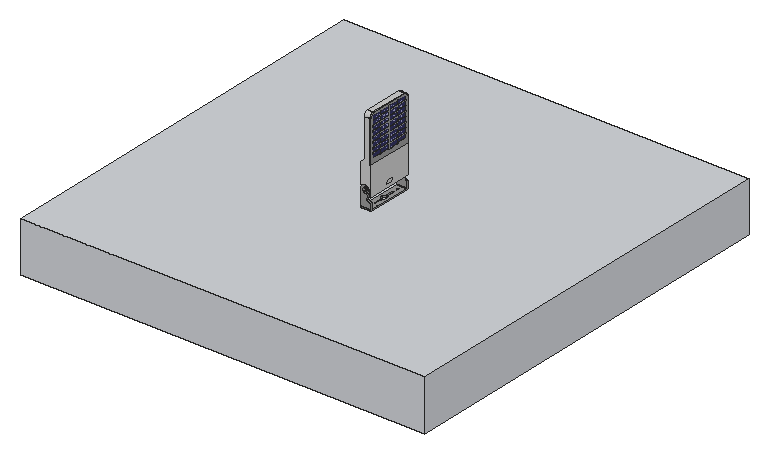
Revit family "LAMP_FLUT G2 ASYMMETRIC", category Modelos genéricos, Revit 2015
Parameters (values of type "7329LM 3000 ANTHRACITE")
  Weight = 7.86 kg
  Type = "HIGH POWER PHILIPS"
  Tilting angle [instance] = 90.00°
  Tilting [instance] = if(Tilting angle = 0.00°, 1.00°, if(Tilting angle > 120.00°, 120.00°, if(Tilting angle < -30.00°, 120.00°, if(Tilting angle < 0.00°, 90.00° - Tilting angle, Tilting angle))))  # 90.00°
  Protection rating = "IP66 / IK06"
  Product datasheet = "http://www.lamp.es/product-files/TECH/FL209AS730NA-EN.pdf"
  Product code = "FL209AS730NA"
  Product URL = "https://www.lamp.es/en/family/flut_33511"
  Power Supply = "220-240V 50-60Hz"
  Power = 59 W
  Plum = 64.3 W
  Photometric web file = Cuerpo Flut G2 - Asym : 7329LM 3000 ANTHRACITE
  Modelo = Product code  # "FL209AS730NA"
  Model explanation = "Availability of tilting between 0º and -30º (or 120º) when placed in a project."
  Material cuerpo = LAMP_Aluminio Cuerpo Flut ANT
  Material Rótula = LAMP_Acero inoxidable AISI 304
  Manufacturer name = "LAMP"
  Manufacturer country = "Spain"
  Manufacturer URL = "http://www.lamp.es/en"
  MacAdam = "4"
  Luminaire type = "OUTDOOR - FLOODLIGHT"
  Last update = "22/08/2019"
  Lamp = "HIGH POWER LED"
  LED Lifetime = "50.000 L90 B10"
  Insulation class = "I"
  Installation instructions = "https://www.lamp.es/product-files/INS/1004710-A-INSTR.%20MINI%20FLUT%20G2.pdf"
  Initial intensity = 7329 lm
  Initial color = 3000 K
  IEE = "A+"
  Gear = "Electronic"
  Finish = "Textured anthracite grey"
  Fabricante = Manufacturer name  # "LAMP"
  Default Elevation = 1219.2 mm
  Efficacy = 114 lm/W
  Dimensions = "530 x 280 x 60"
  Descripción = "FLUT G2 9300 WW ASYM ANT."
  CRI = "70"
Types (12, lengths in mm): name | Weight | Product datasheet | Product code | Power | Plum | Photometric web file | Modelo | LED Lifetime | Initial intensity | Initial color | IEE | Finish | Efficacy | Descripción
  7329LM 3000 ANTHRACITE | 7.86 kg | "http://www.lamp.es/product-files/TECH/FL209AS730NA-EN.pdf" | "FL209AS730NA" | 59 W | 64.3 W | Cuerpo Flut G2 - Asym : 7329LM 3000 ANTHRACITE | "FL209AS730NA" | "50.000 L90 B10" | 7329 lm | 3000 K | "A+" | "Textured anthracite grey" | 114 lm/W | "FLUT G2 9300 WW ASYM ANT."
  7329LM 3000 GREY | 7.86 kg | "http://www.lamp.es/product-files/TECH/FL209AS730NG-EN.pdf" | "FL209AS730NG" | 59 W | 64.3 W | Cuerpo Flut G2 - Asym : 7329LM 3000 GREY | "FL209AS730NG" | "50.000 L90 B10" | 7329 lm | 3000 K | "A+" | "Texturised grey" | 114 lm/W | "FLUT G2 9300 WW ASYM GR."
  7715LM 4000 ANTHRACITE | 7.86 kg | "http://www.lamp.es/product-files/TECH/FL209AS740NA-EN.pdf" | "FL209AS740NA" | 59 W | 64.3 W | Cuerpo Flut G2 - Asym : 7715LM 4000 ANTHRACITE | "FL209AS740NA" | "50.000 L90 B10" | 7715 lm | 4000 K | "A++" | "Textured anthracite grey" | 120 lm/W | "FLUT G2 9300 NW ASYM ANT."
  7715LM 4000 GREY | 7.86 kg | "http://www.lamp.es/product-files/TECH/FL209AS740NG-EN.pdf" | "FL209AS740NG" | 59 W | 64.3 W | Cuerpo Flut G2 - Asym : 7715LM 4000 GREY | "FL209AS740NG" | "50.000 L90 B10" | 7715 lm | 4000 K | "A++" | "Texturised grey" | 120 lm/W | "FLUT G2 9300 NW ASYM GR."
  11068LM 3000 ANTHRACITE | 7.944 kg | "http://www.lamp.es/product-files/TECH/FL214AS730NA-EN.pdf" | "FL214AS730NA" | 88 W | 97.1 W | Cuerpo Flut G2 - Asym : 11068LM 3000 ANTHRACITE | "FL214AS730NA" | "80.000 L80 B10" | 11068 lm | 3000 K | "A+" | "Textured anthracite grey" | 114 lm/W | "FLUT G2 14000 WW ASYM ANT."
  11068LM 3000 GREY | 7.944 kg | "http://www.lamp.es/product-files/TECH/FL214AS730NG-EN.pdf" | "FL214AS730NG" | 88 W | 97.1 W | Cuerpo Flut G2 - Asym : 11068LM 3000 GREY | "FL214AS730NG" | "80.000 L80 B10" | 11068 lm | 3000 K | "A+" | "Texturised grey" | 114 lm/W | "FLUT G2 14000 WW ASYM GR."
  11650LM 4000 ANTHRACITE | 7.944 kg | "http://www.lamp.es/product-files/TECH/FL214AS740NA-EN.pdf" | "FL214AS740NA" | 88 W | 97.1 W | Cuerpo Flut G2 - Asym : 11650LM 4000 ANTHRACITE | "FL214AS740NA" | "80.000 L80 B10" | 11650 lm | 4000 K | "A++" | "Textured anthracite grey" | 120 lm/W | "FLUT G2 14000 NW ASYM ANT."
  11650LM 4000 GREY | 7.944 kg | "http://www.lamp.es/product-files/TECH/FL214AS740NG-EN.pdf" | "FL214AS740NG" | 88 W | 97.1 W | Cuerpo Flut G2 - Asym : 11650LM 4000 GREY | "FL214AS740NG" | "80.000 L80 B10" | 11650 lm | 4000 K | "A++" | "Texturised grey" | 120 lm/W | "FLUT G2 14000 NW ASYM GR."
  14546LM 3000 ANTHRACITE | 8.094 kg | "http://www.lamp.es/product-files/TECH/FL219AS730NA-EN.pdf" | "FL219AS730NA" | 117 W | 125.1 W | Cuerpo Flut G2 - Asym : 14546LM 3000 ANTHRACITE | "FL219AS730NA" | "75.000 L80 B10" | 14546 lm | 3000 K | "A+" | "Textured anthracite grey" | 116.3 lm/W | "FLUT G2 18700 WW ASYM ANT."
  14546LM 3000 GREY | 8.094 kg | "http://www.lamp.es/product-files/TECH/FL219AS730NG-EN.pdf" | "FL219AS730NG" | 117 W | 125.1 W | Cuerpo Flut G2 - Asym : 14546LM 3000 GREY | "FL219AS730NG" | "75.000 L80 B10" | 14546 lm | 3000 K | "A+" | "Texturised grey" | 116.3 lm/W | "FLUT G2 18700 WW ASYM GR."
  15312LM 4000 ANTHRACITE | 8.094 kg | "http://www.lamp.es/product-files/TECH/FL219AS740NA-EN.pdf" | "FL219AS740NA" | 117 W | 125.1 W | Cuerpo Flut G2 - Asym : 15312LM 4000 ANTHRACITE | "FL219AS740NA" | "75.000 L80 B10" | 15312 lm | 4000 K | "A++" | "Textured anthracite grey" | 122.4 lm/W | "FLUT G2 18700 NW ASYM ANT."
  15312LM 4000 GREY | 8.094 kg | "http://www.lamp.es/product-files/TECH/FL219AS740NG-EN.pdf" | "FL219AS740NG" | 117 W | 125.1 W | Cuerpo Flut G2 - Asym : 15312LM 4000 GREY | "FL219AS740NG" | "75.000 L80 B10" | 15312 lm | 4000 K | "A++" | "Texturised grey" | 122.4 lm/W | "FLUT G2 18700 NW ASYM GR."
Reference planes
  plane 1 "Centro (Frontal/Posterior)": y = 0
  plane 2: z = 0
  plane 3 "Centro (Izquierda/Derecha)": x = 0
Forms (mm)
  Extrusion 1, solid
    sketch origin (0, 0, 0) x (1, 0, 0) y (0, 1, 0)
      loop
        line (-1219.2, 1219.2) -> (-1219.2, -1219.2) -> (1219.2, -1219.2) -> (1219.2, 1219.2) -> (-1219.2, 1219.2)
    from 0 to -304.8
  Extrusion 2, solid, material "LAMP_Acero inoxidable AISI 304" <- "Material Rótula"
    sketch origin (0, 0, 0) x (1, 0, 0) y (0, 0, 1)
      loop
        line (-30, 0) -> (30, 0) -> (30, 45) -> (7.102, 58.22)
        arc (7.102, 58.22) -> (6.636, 58.827) -> (6.736, 59.586) r 1
        line (6.736, 59.586) -> (20.344, 95.87)
        arc (20.344, 95.87) -> (0.64, 130.583) -> (-30, 105) r 26
        line (-30, 105) -> (-30, 0)
      loop
        arc (-4.884, 125.481) -> (-5.964, 124.952) -> (-6.308, 123.8) r 1.5
        line (-6.308, 123.8) -> (-5.758, 119.315)
        arc (-5.758, 119.315) -> (-5.252, 118.365) -> (-4.241, 117.998) r 1.5
        arc (-4.241, 117.998) -> (7.873, 110.294) -> (5.508, 96.134) r 13
        arc (5.508, 96.134) -> (5.105, 95.085) -> (5.544, 94.05) r 1.5
        line (5.544, 94.05) -> (8.727, 90.867)
        arc (8.727, 90.867) -> (9.808, 90.428) -> (10.877, 90.896) r 1.5
        arc (10.877, 90.896) -> (14.654, 113.501) -> (-4.884, 125.481) r 20.5
    from -140 to 140
  Extrusion 3, void
    sketch origin (0, 0, 0) x (0, 1, 0) y (0, 0, 1)
      loop
        line (-135, 131) -> (-135, 10)
        arc (-135, 10) -> (-133.536, 6.464) -> (-130, 5) r 5
        line (-130, 5) -> (130, 5)
        arc (130, 5) -> (133.536, 6.464) -> (135, 10) r 5
        line (135, 10) -> (135, 131) -> (-135, 131)
      loop
        arc (140, 10) -> (137.071, 2.929) -> (130, 0) r 10
        line (130, 0) -> (130, -5) -> (145, -5) -> (145, 10) -> (140, 10)
      loop
        line (-140, 10) -> (-145, 10) -> (-145, -5) -> (-130, -5) -> (-130, 0)
        arc (-130, 0) -> (-137.071, 2.929) -> (-140, 10) r 10
    from -30 to 30
  Blend 4, void
    base sketch origin (0, 0, 0) x (1, 0, 0) y (0, 0, 1)
      loop
        circle (-4, 105) r 6.25
    top sketch origin (0, 0, 0) x (1, 0, 0) y (0, 0, 1)
      loop
        circle (-4, 105) r 11.2
    from 135 to 140
  Blend 5, void
    base sketch origin (0, 0, 0) x (1, 0, 0) y (0, 0, -1)
      loop
        circle (-4, -105) r 6.25
    top sketch origin (0, 0, 0) x (1, 0, 0) y (0, 0, -1)
      loop
        circle (-4, -105) r 11.2
    from 135 to 140
  Extrusion 6, void
    sketch origin (0, 0, 0) x (1, 0, 0) y (0, 1, 0)
      loop
        circle (0, 0) r 17.5
      loop
        line (-5.15, 63) -> (-5.15, 27)
        arc (-5.15, 27) -> (0, 21.85) -> (5.15, 27) r 5.15
        line (5.15, 27) -> (5.15, 63)
        arc (5.15, 63) -> (0, 68.15) -> (-5.15, 63) r 5.15
      loop
        circle (0, 101.575) r 5.25
      loop
        arc (-5.15, -63) -> (0, -68.15) -> (5.15, -63) r 5.15
        line (5.15, -63) -> (5.15, -27)
        arc (5.15, -27) -> (0, -21.85) -> (-5.15, -27) r 5.15
        line (-5.15, -27) -> (-5.15, -63)
      loop
        arc (19.312, -82.163) -> (0, -83.175) -> (-19.312, -82.163) r 184.75
        arc (-19.312, -82.163) -> (-25.082, -86.835) -> (-20.409, -92.605) r 5.25
        arc (-20.409, -92.605) -> (0, -93.675) -> (20.409, -92.605) r 195.25
        arc (20.409, -92.605) -> (25.082, -86.835) -> (19.312, -82.163) r 5.25
    from 0 to 5
Cuts and joins
  Extrusion 3, Blend 4, Blend 5, Extrusion 6 cuts Extrusion 2
Text (mm)
  text "Any modification of the parameters and properties of the LAMP BIM models must be executed and validated by the LAMP technical department.\n\nPhone: +34 93 736 68 00\n\nE-mail: lamp@lamp.es\n\n\n\nLAMP reserves the right to modify the technical specifications of its products." at (-19554.066, 15981.102, -8371.262), in view "Preview"
Dimensions and locks
  aligned and locked: plane 2 to Extrusion 1
  aligned and locked: level to Extrusion 1
Nested families
  nested 1: "Cuerpo Flut G2 - Asym" at (-3.972, 0, -1394.995) x (-1, 0, 0) z (0, 0, 1), type <- "Photometric web file", type "7329LM 3000 ANTHRACITE"
Connectors
  electrical at (0, 0, 5)
    settings: on cut or joined group of Extrusion 2, Extrusion 3, Blend 4, Blend 5, Extrusion 6, index 1, voltage 230 V, apparent load 0 VA, apparent load phase1 0 VA, apparent load phase2 0 VA, apparent load phase3 0 VA, power factor 1, load classification "Otro", number of poles 1, system type 31, power factor state 1, is connector primary yes, connector utility no, sub classification motor no, connector description ""
Definition of nested family "Cuerpo Flut G2 - Asym"
  Parameters (values of type "7329LM 3000 ANTHRACITE")
    Tilt Angle = Tilting - 90.00°  # 0.00°
    Wattage = 64.3 W
    Tilting = 90.00°
    built-in parameter 1150107 = 3000 (stored number, unit not read)
    built-in parameter 1150110 = 1 (stored number, unit not read)
    built-in parameter 1150109 = 1 (stored number, unit not read)
    built-in parameter 1150112 = 1 (stored number, unit not read)
    built-in parameter 1150113 = 1 (stored number, unit not read)
    built-in parameter 1114218 = 1 (stored number, unit not read)
    built-in parameter 1150137 = (empty or 0)
    built-in parameter 1150132 = 2
    Material Opticas = none
    Material Cristal Transparente = none
    Material Cuerpo = none
    Material Cristal Serigrafiado = none
    built-in parameter 1150105 = 583.32 (stored number, unit not read)
    built-in parameter 1150102 = (empty or 0)
    built-in parameter 1150106 = 5.8332 (stored number, unit not read)
    Lumens = 7330.2 lm
    Color Filter = 16777215
    built-in parameter 1114217 = 1 (stored number, unit not read)
    built-in parameter 1150139 = (empty or 0)
    built-in parameter 1150104 = 10.591 (stored number, unit not read)
    built-in parameter 1150115 = 1 (stored number, unit not read)
    built-in parameter 1150114 = 1 (stored number, unit not read)
    built-in parameter 1150138 = (empty or 0)
    built-in parameter 1150134 = (empty or 0)
    Dimming Lamp Color Temperature Shift = (empty or 0)
    Photometric Web File = "FL209AS730NA_180.IES"
    built-in parameter 1150133 = 10 (stored number, unit not read)
  Types (12, lengths in mm): name | Wattage | built-in parameter 1150107 | built-in parameter 1150105 | built-in parameter 1150106 | Lumens | built-in parameter 1150104 | built-in parameter 1150134 | Photometric Web File
    7329LM 3000 ANTHRACITE | 64.3 W | 3000 (stored number, unit not read) | 583.32 (stored number, unit not read) | 5.8332 (stored number, unit not read) | 7330.2 lm | 10.591 (stored number, unit not read) | (empty or 0) | "FL209AS730NA_180.IES"
    7329LM 3000 GREY | 64.3 W | 3000 (stored number, unit not read) | 583.32 (stored number, unit not read) | 5.8332 (stored number, unit not read) | 7330.2 lm | 10.591 (stored number, unit not read) | (empty or 0) | "FL209AS730NG_180.IES"
    7715LM 4000 ANTHRACITE | 64.3 W | 4000 (stored number, unit not read) | 4949.5 (stored number, unit not read) | 49.495 (stored number, unit not read) | 7716 lm | 11.148 (stored number, unit not read) | 12 | "FL209AS740NA_180.IES"
    7715LM 4000 GREY | 64.3 W | 4000 (stored number, unit not read) | 4949.5 (stored number, unit not read) | 49.495 (stored number, unit not read) | 7716 lm | 11.148 (stored number, unit not read) | 12 | "FL209AS740NG_180.IES"
    11068LM 3000 ANTHRACITE | 97.1 W | 3000 (stored number, unit not read) | 7100.5 (stored number, unit not read) | 71.005 (stored number, unit not read) | 11069.4 lm | 10.591 (stored number, unit not read) | (empty or 0) | "FL214AS730NA_180.IES"
    11068LM 3000 GREY | 97.1 W | 3000 (stored number, unit not read) | 7100.5 (stored number, unit not read) | 71.005 (stored number, unit not read) | 11069.4 lm | 10.591 (stored number, unit not read) | (empty or 0) | "FL214AS730Na_180.IES"
    11650LM 4000 ANTHRACITE | 97.1 W | 4000 (stored number, unit not read) | 7474.2 (stored number, unit not read) | 74.742 (stored number, unit not read) | 11652 lm | 11.148 (stored number, unit not read) | 12 | "FL214AS740NA_180.IES"
    11650LM 4000 GREY | 97.1 W | 4000 (stored number, unit not read) | 7474.2 (stored number, unit not read) | 74.742 (stored number, unit not read) | 11652 lm | 11.148 (stored number, unit not read) | 12 | "FL214AS740NG_180.IES"
    14546LM 3000 ANTHRACITE | 125.1 W | 3000 (stored number, unit not read) | 9332.6 (stored number, unit not read) | 93.326 (stored number, unit not read) | 14549.1 lm | 10.805 (stored number, unit not read) | (empty or 0) | "FL219AS730NA_180.IES"
    14546LM 3000 GREY | 125.1 W | 3000 (stored number, unit not read) | 9332.6 (stored number, unit not read) | 93.326 (stored number, unit not read) | 14549.1 lm | 10.805 (stored number, unit not read) | (empty or 0) | "FL219AS730NG_180.IES"
    15312LM 4000 ANTHRACITE | 125.1 W | 4000 (stored number, unit not read) | 9822.1 (stored number, unit not read) | 98.221 (stored number, unit not read) | 15312.2 lm | 11.371 (stored number, unit not read) | 12 | "FL219AS740NG_180.IES"
    15312LM 4000 GREY | 125.1 W | 4000 (stored number, unit not read) | 9822.1 (stored number, unit not read) | 98.221 (stored number, unit not read) | 15312.2 lm | 11.371 (stored number, unit not read) | 12 | "FL219AS740NG_180.IES"
  Reference planes
    plane 1 "Eje de origen de luz (F/P)": y = 0
    plane 2: z = 0
    plane 3 "Eje de origen de luz (I/D)": x = 0
    plane 4 "Elevación de origen de luz": z = 1500
  Forms (mm)
    Extrusion 1, solid, material <- "Material Cuerpo"
      sketch origin (0, 0, 1500) x (0, 0, 1) y (1, 0, 0)
        loop
          line (421.8, -33.4) -> (421.8, 3.6) -> (169.604, 3.6) -> (146.604, 26.6) -> (-26.4, 26.6) -> (-26.4, -33.4) -> (421.8, -33.4)
      from -140 to 140
    Extrusion 2, void
      sketch origin (0, 0, 1500) x (0, 0, -1) y (1, 0, 0)
        loop
          line (26.4, -26.5) -> (26.4, 26.6) -> (-26.6, 26.6) -> (-26.6, 3.6)
          arc (-26.6, 3.6) -> (-19.155, -17.548) -> (1.4, -26.5) r 28.073
          line (1.4, -26.5) -> (26.4, -26.5)
      from -140 to -130
    Extrusion 3, void
      sketch origin (0, 0, 1500) x (0, 0, -1) y (-1, 0, 0)
        loop
          line (26.4, 26.5) -> (1.4, 26.5)
          arc (1.4, 26.5) -> (-19.155, 17.548) -> (-26.6, -3.6) r 28.073
          line (-26.6, -3.6) -> (-26.6, -26.6) -> (26.4, -26.6) -> (26.4, 26.5)
      from -140 to -130
    Extrusion 4, void
      sketch origin (0, 0, 1500) x (0, 0, -1) y (0, 1, 0)
        loop
          arc (-33.6, -138) -> (-30.064, -136.536) -> (-28.6, -133) r 5
          line (-28.6, -133) -> (-28.6, -128) -> (19.4, -128)
          arc (19.4, -128) -> (22.936, -126.536) -> (24.4, -123) r 5
          line (24.4, -123) -> (24.4, 123)
          arc (24.4, 123) -> (22.936, 126.536) -> (19.4, 128) r 5
          line (19.4, 128) -> (-28.6, 128) -> (-28.6, 133)
          arc (-28.6, 133) -> (-30.064, 136.536) -> (-33.6, 138) r 5
          line (-33.6, 138) -> (-139.604, 138)
          arc (-139.604, 138) -> (-143.14, 136.536) -> (-144.604, 133) r 5
          line (-144.604, 133) -> (-144.604, -133)
          arc (-144.604, -133) -> (-143.14, -136.536) -> (-139.604, -138) r 5
          line (-139.604, -138) -> (-33.6, -138)
        loop
          arc (22.9, 121.5) -> (21.436, 125.036) -> (17.9, 126.5) r 5
          line (17.9, 126.5) -> (-30.1, 126.5) -> (-30.1, 131.5)
          arc (-30.1, 131.5) -> (-31.564, 135.036) -> (-35.1, 136.5) r 5
          line (-35.1, 136.5) -> (-138.104, 136.5)
          arc (-138.104, 136.5) -> (-141.64, 135.036) -> (-143.104, 131.5) r 5
          line (-143.104, 131.5) -> (-143.104, -131.5)
          arc (-143.104, -131.5) -> (-141.64, -135.036) -> (-138.104, -136.5) r 5
          line (-138.104, -136.5) -> (-35.1, -136.5)
          arc (-35.1, -136.5) -> (-31.564, -135.036) -> (-30.1, -131.5) r 5
          line (-30.1, -131.5) -> (-30.1, -126.5) -> (17.9, -126.5)
          arc (17.9, -126.5) -> (21.436, -125.036) -> (22.9, -121.5) r 5
          line (22.9, -121.5) -> (22.9, 121.5)
      from 22.1 to 26.6
    Extrusion 5, void
      sketch origin (0, 0, 1500) x (0, 0, -1) y (0, 1, 0)
        loop
          arc (-396.8, -140) -> (-414.478, -132.678) -> (-421.8, -115) r 25
          line (-421.8, -115) -> (-431.8, -115) -> (-431.8, -150) -> (-396.8, -150) -> (-396.8, -140)
        loop
          line (-396.8, 140) -> (-396.8, 150) -> (-431.8, 150) -> (-431.8, 115) -> (-421.8, 115)
          arc (-421.8, 115) -> (-414.478, 132.678) -> (-396.8, 140) r 25
      from -34 to 4
    Extrusion 6, solid, material <- "Material Cristal Serigrafiado"
      sketch origin (0, 0, 1500) x (0, 0, 1) y (1, 0, 0)
        loop
          line (148, -33.4) -> (420.5, -33.4) -> (420.5, -29.3) -> (148, -29.3) -> (148, -33.4)
      from -137.3 to 137.3
    Extrusion 7, void
      sketch origin (0, 0, 1500) x (0, 0, -1) y (0, 1, 0)
        loop
          arc (-398, -137.3) -> (-413.91, -130.71) -> (-420.5, -114.8) r 22.5
          line (-420.5, -114.8) -> (-430.5, -114.8) -> (-430.5, -147.3) -> (-398, -147.3) -> (-398, -137.3)
        loop
          line (-398, 137.3) -> (-398, 147.3) -> (-430.5, 147.3) -> (-430.5, 114.8) -> (-420.5, 114.8)
          arc (-420.5, 114.8) -> (-413.91, 130.71) -> (-398, 137.3) r 22.5
      from -33.4 to -29.3
    Extrusion 8, solid, material <- "Material Cristal Transparente"
      sketch origin (0, 0, 1500) x (0, 0, 1) y (1, 0, 0)
        loop
          line (176, -29.3) -> (176, -33.4) -> (408.5, -33.4) -> (408.5, -29.3) -> (176, -29.3)
      from -125.3 to 125.3
    Extrusion 9, void
      sketch origin (0, 0, 1500) x (0, 0, -1) y (0, 1, 0)
        loop
          arc (-186, 125.3) -> (-178.929, 122.371) -> (-176, 115.3) r 10
          line (-176, 115.3) -> (-176, 125.3) -> (-186, 125.3)
        loop
          line (-186, -125.3) -> (-176, -125.3) -> (-176, -115.3)
          arc (-176, -115.3) -> (-178.929, -122.371) -> (-186, -125.3) r 10
        loop
          line (-398.5, 125.3) -> (-408.5, 125.3) -> (-408.5, 115.3)
          arc (-408.5, 115.3) -> (-405.571, 122.371) -> (-398.5, 125.3) r 10
        loop
          arc (-398.5, -125.3) -> (-405.571, -122.371) -> (-408.5, -115.3) r 10
          line (-408.5, -115.3) -> (-408.5, -125.3) -> (-398.5, -125.3)
      from -33.4 to -29.3
    Extrusion 10, solid, material <- "Material Opticas"
      sketch origin (-265.527, 0, 1510.175) x (0, 0, 1) y (1, 0, 0)
        loop
          line (175.175, 236.227) -> (388.975, 236.227) -> (388.975, 252.227) -> (175.175, 252.227) -> (175.175, 236.227)
      from -106.9 to 106.9
    Extrusion 11, void
      sketch origin (0, 0, 1511.075) x (0, 0, -1) y (0, 1, 0)
        loop
          line (-361.575, -105.1) -> (-361.575, -80.4) -> (-386.275, -80.4) -> (-386.275, -105.1) -> (-361.575, -105.1)
        loop
          line (-386.275, -78.6) -> (-361.575, -78.6) -> (-361.575, -53.9) -> (-386.275, -53.9) -> (-386.275, -78.6)
        loop
          line (-361.575, -52.1) -> (-361.575, -27.4) -> (-386.275, -27.4) -> (-386.275, -52.1) -> (-361.575, -52.1)
        loop
          line (-386.275, -25.6) -> (-361.575, -25.6) -> (-361.575, -0.9) -> (-386.275, -0.9) -> (-386.275, -25.6)
        loop
          line (-361.575, 0.9) -> (-361.575, 25.6) -> (-386.275, 25.6) -> (-386.275, 0.9) -> (-361.575, 0.9)
        loop
          line (-386.275, 27.4) -> (-361.575, 27.4) -> (-361.575, 52.1) -> (-386.275, 52.1) -> (-386.275, 27.4)
        loop
          line (-361.575, 53.9) -> (-361.575, 78.6) -> (-386.275, 78.6) -> (-386.275, 53.9) -> (-361.575, 53.9)
        loop
          line (-386.275, 80.4) -> (-361.575, 80.4) -> (-361.575, 105.1) -> (-386.275, 105.1) -> (-386.275, 80.4)
        loop
          line (-176.075, -105.1) -> (-176.075, -80.4) -> (-200.775, -80.4) -> (-200.775, -105.1) -> (-176.075, -105.1)
        loop
          line (-200.775, -78.6) -> (-176.075, -78.6) -> (-176.075, -53.9) -> (-200.775, -53.9) -> (-200.775, -78.6)
        loop
          line (-176.075, -52.1) -> (-176.075, -27.4) -> (-200.775, -27.4) -> (-200.775, -52.1) -> (-176.075, -52.1)
        loop
          line (-200.775, -25.6) -> (-176.075, -25.6) -> (-176.075, -0.9) -> (-200.775, -0.9) -> (-200.775, -25.6)
        loop
          line (-176.075, 0.9) -> (-176.075, 25.6) -> (-200.775, 25.6) -> (-200.775, 0.9) -> (-176.075, 0.9)
        loop
          line (-200.775, 27.4) -> (-176.075, 27.4) -> (-176.075, 52.1) -> (-200.775, 52.1) -> (-200.775, 27.4)
        loop
          line (-176.075, 53.9) -> (-176.075, 78.6) -> (-200.775, 78.6) -> (-200.775, 53.9) -> (-176.075, 53.9)
        loop
          line (-200.775, 80.4) -> (-176.075, 80.4) -> (-176.075, 105.1) -> (-200.775, 105.1) -> (-200.775, 80.4)
        loop
          line (-202.575, -105.1) -> (-202.575, -80.4) -> (-227.275, -80.4) -> (-227.275, -105.1) -> (-202.575, -105.1)
        loop
          line (-227.275, -78.6) -> (-202.575, -78.6) -> (-202.575, -53.9) -> (-227.275, -53.9) -> (-227.275, -78.6)
        loop
          line (-202.575, -52.1) -> (-202.575, -27.4) -> (-227.275, -27.4) -> (-227.275, -52.1) -> (-202.575, -52.1)
        loop
          line (-227.275, -25.6) -> (-202.575, -25.6) -> (-202.575, -0.9) -> (-227.275, -0.9) -> (-227.275, -25.6)
        loop
          line (-202.575, 0.9) -> (-202.575, 25.6) -> (-227.275, 25.6) -> (-227.275, 0.9) -> (-202.575, 0.9)
        loop
          line (-227.275, 27.4) -> (-202.575, 27.4) -> (-202.575, 52.1) -> (-227.275, 52.1) -> (-227.275, 27.4)
        loop
          line (-202.575, 53.9) -> (-202.575, 78.6) -> (-227.275, 78.6) -> (-227.275, 53.9) -> (-202.575, 53.9)
        loop
          line (-227.275, 80.4) -> (-202.575, 80.4) -> (-202.575, 105.1) -> (-227.275, 105.1) -> (-227.275, 80.4)
        loop
          line (-229.075, -105.1) -> (-229.075, -80.4) -> (-253.775, -80.4) -> (-253.775, -105.1) -> (-229.075, -105.1)
        loop
          line (-253.775, -78.6) -> (-229.075, -78.6) -> (-229.075, -53.9) -> (-253.775, -53.9) -> (-253.775, -78.6)
        loop
          line (-229.075, -52.1) -> (-229.075, -27.4) -> (-253.775, -27.4) -> (-253.775, -52.1) -> (-229.075, -52.1)
        loop
          line (-253.775, -25.6) -> (-229.075, -25.6) -> (-229.075, -0.9) -> (-253.775, -0.9) -> (-253.775, -25.6)
        loop
          line (-229.075, 0.9) -> (-229.075, 25.6) -> (-253.775, 25.6) -> (-253.775, 0.9) -> (-229.075, 0.9)
        loop
          line (-253.775, 27.4) -> (-229.075, 27.4) -> (-229.075, 52.1) -> (-253.775, 52.1) -> (-253.775, 27.4)
        loop
          line (-229.075, 53.9) -> (-229.075, 78.6) -> (-253.775, 78.6) -> (-253.775, 53.9) -> (-229.075, 53.9)
        loop
          line (-253.775, 80.4) -> (-229.075, 80.4) -> (-229.075, 105.1) -> (-253.775, 105.1) -> (-253.775, 80.4)
        loop
          line (-255.575, -105.1) -> (-255.575, -80.4) -> (-280.275, -80.4) -> (-280.275, -105.1) -> (-255.575, -105.1)
        loop
          line (-280.275, -78.6) -> (-255.575, -78.6) -> (-255.575, -53.9) -> (-280.275, -53.9) -> (-280.275, -78.6)
        loop
          line (-255.575, -52.1) -> (-255.575, -27.4) -> (-280.275, -27.4) -> (-280.275, -52.1) -> (-255.575, -52.1)
        loop
          line (-280.275, -25.6) -> (-255.575, -25.6) -> (-255.575, -0.9) -> (-280.275, -0.9) -> (-280.275, -25.6)
        loop
          line (-255.575, 0.9) -> (-255.575, 25.6) -> (-280.275, 25.6) -> (-280.275, 0.9) -> (-255.575, 0.9)
        loop
          line (-280.275, 27.4) -> (-255.575, 27.4) -> (-255.575, 52.1) -> (-280.275, 52.1) -> (-280.275, 27.4)
        loop
          line (-255.575, 53.9) -> (-255.575, 78.6) -> (-280.275, 78.6) -> (-280.275, 53.9) -> (-255.575, 53.9)
        loop
          line (-280.275, 80.4) -> (-255.575, 80.4) -> (-255.575, 105.1) -> (-280.275, 105.1) -> (-280.275, 80.4)
        loop
          line (-282.075, -105.1) -> (-282.075, -80.4) -> (-306.775, -80.4) -> (-306.775, -105.1) -> (-282.075, -105.1)
        loop
          line (-306.775, -78.6) -> (-282.075, -78.6) -> (-282.075, -53.9) -> (-306.775, -53.9) -> (-306.775, -78.6)
        loop
          line (-282.075, -52.1) -> (-282.075, -27.4) -> (-306.775, -27.4) -> (-306.775, -52.1) -> (-282.075, -52.1)
        loop
          line (-306.775, -25.6) -> (-282.075, -25.6) -> (-282.075, -0.9) -> (-306.775, -0.9) -> (-306.775, -25.6)
        loop
          line (-282.075, 0.9) -> (-282.075, 25.6) -> (-306.775, 25.6) -> (-306.775, 0.9) -> (-282.075, 0.9)
        loop
          line (-306.775, 27.4) -> (-282.075, 27.4) -> (-282.075, 52.1) -> (-306.775, 52.1) -> (-306.775, 27.4)
        loop
          line (-282.075, 53.9) -> (-282.075, 78.6) -> (-306.775, 78.6) -> (-306.775, 53.9) -> (-282.075, 53.9)
        loop
          line (-306.775, 80.4) -> (-282.075, 80.4) -> (-282.075, 105.1) -> (-306.775, 105.1) -> (-306.775, 80.4)
        loop
          line (-308.575, -105.1) -> (-308.575, -80.4) -> (-333.275, -80.4) -> (-333.275, -105.1) -> (-308.575, -105.1)
        loop
          line (-333.275, -78.6) -> (-308.575, -78.6) -> (-308.575, -53.9) -> (-333.275, -53.9) -> (-333.275, -78.6)
        loop
          line (-308.575, -52.1) -> (-308.575, -27.4) -> (-333.275, -27.4) -> (-333.275, -52.1) -> (-308.575, -52.1)
        loop
          line (-333.275, -25.6) -> (-308.575, -25.6) -> (-308.575, -0.9) -> (-333.275, -0.9) -> (-333.275, -25.6)
        loop
          line (-308.575, 0.9) -> (-308.575, 25.6) -> (-333.275, 25.6) -> (-333.275, 0.9) -> (-308.575, 0.9)
        loop
          line (-333.275, 27.4) -> (-308.575, 27.4) -> (-308.575, 52.1) -> (-333.275, 52.1) -> (-333.275, 27.4)
        loop
          line (-308.575, 53.9) -> (-308.575, 78.6) -> (-333.275, 78.6) -> (-333.275, 53.9) -> (-308.575, 53.9)
        loop
          line (-333.275, 80.4) -> (-308.575, 80.4) -> (-308.575, 105.1) -> (-333.275, 105.1) -> (-333.275, 80.4)
        loop
          line (-335.075, -105.1) -> (-335.075, -80.4) -> (-359.775, -80.4) -> (-359.775, -105.1) -> (-335.075, -105.1)
        loop
          line (-359.775, -78.6) -> (-335.075, -78.6) -> (-335.075, -53.9) -> (-359.775, -53.9) -> (-359.775, -78.6)
        loop
          line (-335.075, -52.1) -> (-335.075, -27.4) -> (-359.775, -27.4) -> (-359.775, -52.1) -> (-335.075, -52.1)
        loop
          line (-359.775, -25.6) -> (-335.075, -25.6) -> (-335.075, -0.9) -> (-359.775, -0.9) -> (-359.775, -25.6)
        loop
          line (-335.075, 0.9) -> (-335.075, 25.6) -> (-359.775, 25.6) -> (-359.775, 0.9) -> (-335.075, 0.9)
        loop
          line (-359.775, 27.4) -> (-335.075, 27.4) -> (-335.075, 52.1) -> (-359.775, 52.1) -> (-359.775, 27.4)
        loop
          line (-335.075, 53.9) -> (-335.075, 78.6) -> (-359.775, 78.6) -> (-359.775, 53.9) -> (-335.075, 53.9)
        loop
          line (-359.775, 80.4) -> (-335.075, 80.4) -> (-335.075, 105.1) -> (-359.775, 105.1) -> (-359.775, 80.4)
      from -33.4 to 3.6
    Extrusion 12, void
      sketch origin (0, 0, 1500) x (0, 0, -1) y (0, 1, 0)
        loop
          arc (-408.5, -115.3) -> (-405.571, -122.371) -> (-398.5, -125.3) r 10
          line (-398.5, -125.3) -> (-186, -125.3)
          arc (-186, -125.3) -> (-178.929, -122.371) -> (-176, -115.3) r 10
          line (-176, -115.3) -> (-176, 115.3)
          arc (-176, 115.3) -> (-178.929, 122.371) -> (-186, 125.3) r 10
          line (-186, 125.3) -> (-398.5, 125.3)
          arc (-398.5, 125.3) -> (-405.571, 122.371) -> (-408.5, 115.3) r 10
          line (-408.5, 115.3) -> (-408.5, -115.3)
      from -33.4 to 0
    Extrusion 13, void
      sketch origin (0, -368.506, 1431.664) x (0, 0, -1) y (0, 1, 0)
        loop
          line (-467.486, 263.606) -> (-469.486, 263.606) -> (-469.486, 259.606) -> (-465.486, 259.606) -> (-465.486, 261.606)
          arc (-465.486, 261.606) -> (-466.9, 262.192) -> (-467.486, 263.606) r 2
        loop
          arc (-467.486, 473.406) -> (-466.9, 474.821) -> (-465.486, 475.406) r 2
          line (-465.486, 475.406) -> (-465.486, 477.406) -> (-469.486, 477.406) -> (-469.486, 473.406) -> (-467.486, 473.406)
        loop
          arc (-253.686, 263.606) -> (-254.272, 262.192) -> (-255.686, 261.606) r 2
          line (-255.686, 261.606) -> (-255.686, 259.606) -> (-251.686, 259.606) -> (-251.686, 263.606) -> (-253.686, 263.606)
        loop
          line (-253.686, 473.406) -> (-251.686, 473.406) -> (-251.686, 477.406) -> (-255.686, 477.406) -> (-255.686, 475.406)
          arc (-255.686, 475.406) -> (-254.272, 474.821) -> (-253.686, 473.406) r 2
      from -33.4 to 3.6
    Extrusion 14, void
      sketch origin (0, 0, 1500) x (0, 0, -1) y (0, -1, 0)
        loop
          arc (-420.5, -114.8) -> (-413.91, -130.71) -> (-398, -137.3) r 22.5
          line (-398, -137.3) -> (-148, -137.3) -> (-148, 137.3) -> (-398, 137.3)
          arc (-398, 137.3) -> (-413.91, 130.71) -> (-420.5, 114.8) r 22.5
          line (-420.5, 114.8) -> (-420.5, -114.8)
        loop
          arc (-408.5, -115.3) -> (-405.571, -122.371) -> (-398.5, -125.3) r 10
          line (-398.5, -125.3) -> (-186, -125.3)
          arc (-186, -125.3) -> (-178.929, -122.371) -> (-176, -115.3) r 10
          line (-176, -115.3) -> (-176, 115.3)
          arc (-176, 115.3) -> (-178.929, 122.371) -> (-186, 125.3) r 10
          line (-186, 125.3) -> (-398.5, 125.3)
          arc (-398.5, 125.3) -> (-405.571, 122.371) -> (-408.5, 115.3) r 10
          line (-408.5, 115.3) -> (-408.5, -115.3)
      from 34 to 29.3
    Extrusion 15, solid, material <- "Material Cuerpo"
      sketch origin (0, 0, 1500) x (0, 0, 1) y (0, -1, 0)
        loop
          line (-4.959, -18.37) -> (7.634, -18.37)
          arc (7.634, -18.37) -> (8.372, -17.632) -> (7.634, -16.895) r 0.738
          line (7.634, -16.895) -> (-3.514, -16.895)
          arc (-3.514, -16.895) -> (-3.978, -16.703) -> (-4.17, -16.239) r 0.656
          line (-4.17, -16.239) -> (-4.17, -14.696)
          arc (-4.17, -14.696) -> (-4.042, -14.296) -> (-3.706, -14.045) r 0.688
          line (-3.706, -14.045) -> (7.531, -10.181)
          arc (7.531, -10.181) -> (8.474, -8.86) -> (7.531, -7.539) r 1.397
          line (7.531, -7.539) -> (-3.236, -3.836)
          arc (-3.236, -3.836) -> (-3.795, -2.896) -> (-2.96, -2.189) r 0.847
          line (-2.96, -2.189) -> (6.935, -2.189)
          arc (6.935, -2.189) -> (8.423, -1.119) -> (7.881, 0.632) r 1.569
          line (7.881, 0.632) -> (5.526, 2.986) -> (7.881, 5.34)
          arc (7.881, 5.34) -> (8.423, 7.091) -> (6.935, 8.161) r 1.569
          line (6.935, 8.161) -> (-3.488, 8.161)
          arc (-3.488, 8.161) -> (-3.97, 8.361) -> (-4.17, 8.843) r 0.682
          line (-4.17, 8.843) -> (-4.17, 10.36)
          arc (-4.17, 10.36) -> (-3.969, 10.845) -> (-3.484, 11.046) r 0.686
          line (-3.484, 11.046) -> (7.608, 11.046)
          arc (7.608, 11.046) -> (8.093, 11.247) -> (8.293, 11.732) r 0.685
          line (8.293, 11.732) -> (8.293, 17.729)
          arc (8.293, 17.729) -> (8.09, 18.22) -> (7.599, 18.423) r 0.694
          line (7.599, 18.423) -> (2.315, 18.423)
          arc (2.315, 18.423) -> (1.848, 18.23) -> (1.654, 17.762) r 0.661
          line (1.654, 17.762) -> (1.654, 13.432)
          arc (1.654, 13.432) -> (2.392, 12.694) -> (3.129, 13.432) r 0.738
          line (3.129, 13.432) -> (3.129, 16.27)
          arc (3.129, 16.27) -> (3.328, 16.749) -> (3.807, 16.948) r 0.678
          line (3.807, 16.948) -> (6.136, 16.948)
          arc (6.136, 16.948) -> (6.618, 16.748) -> (6.818, 16.266) r 0.682
          line (6.818, 16.266) -> (6.818, 13.184)
          arc (6.818, 13.184) -> (6.624, 12.716) -> (6.156, 12.522) r 0.662
          line (6.156, 12.522) -> (-4.941, 12.522)
          arc (-4.941, 12.522) -> (-5.425, 12.321) -> (-5.626, 11.836) r 0.685
          line (-5.626, 11.836) -> (-5.626, 7.293)
          arc (-5.626, 7.293) -> (-5.441, 6.845) -> (-4.993, 6.66) r 0.633
          line (-4.993, 6.66) -> (6.724, 6.66) -> (3.05, 2.986) -> (6.724, -0.688) -> (-4.881, -0.688)
          arc (-4.881, -0.688) -> (-5.342, -0.879) -> (-5.533, -1.34) r 0.652
          line (-5.533, -1.34) -> (-5.533, -4.266)
          arc (-5.533, -4.266) -> (-5.412, -4.644) -> (-5.094, -4.881) r 0.651
          line (-5.094, -4.881) -> (6.65, -8.922) -> (-5.158, -12.985)
          arc (-5.158, -12.985) -> (-5.497, -13.238) -> (-5.626, -13.641) r 0.693
          line (-5.626, -13.641) -> (-5.626, -17.703)
          arc (-5.626, -17.703) -> (-5.431, -18.175) -> (-4.959, -18.37) r 0.667
      from -34.4 to -33.4
    Extrusion 16, solid, material <- "Material Cristal Serigrafiado"
      sketch origin (0, 0, 1500) x (0, 0, 1) y (0, -1, 0)
        loop
          line (382.92, 125.3) -> (378.92, 125.3) -> (378.92, 65.65) -> (353.36, 65.65) -> (353.36, 125.3) -> (349.36, 125.3) -> (349.36, 65.65) -> (323.8, 65.65) -> (323.8, 125.3) -> (319.8, 125.3) -> (319.8, 65.65) -> (294.24, 65.65) -> (294.24, 125.3) -> (290.24, 125.3) -> (290.24, 65.65) -> (264.68, 65.65) -> (264.68, 125.3) -> (260.68, 125.3) -> (260.68, 65.65) -> (235.12, 65.65) -> (235.12, 125.3) -> (231.12, 125.3) -> (231.12, 65.65) -> (205.56, 65.65) -> (205.56, 125.3) -> (201.56, 125.3) -> (201.56, 65.65) -> (176, 65.65) -> (176, 61.65) -> (201.56, 61.65) -> (201.56, 2) -> (176, 2) -> (176, -2) -> (201.56, -2) -> (201.56, -61.65) -> (176, -61.65) -> (176, -65.65) -> (201.56, -65.65) -> (201.56, -125.3) -> (205.56, -125.3) -> (205.56, -65.65) -> (231.12, -65.65) -> (231.12, -125.3) -> (235.12, -125.3) -> (235.12, -65.65) -> (260.68, -65.65) -> (260.68, -125.3) -> (264.68, -125.3) -> (264.68, -65.65) -> (290.24, -65.65) -> (290.24, -125.3) -> (294.24, -125.3) -> (294.24, -65.65) -> (319.8, -65.65) -> (319.8, -125.3) -> (323.8, -125.3) -> (323.8, -65.65) -> (349.36, -65.65) -> (349.36, -125.3) -> (353.36, -125.3) -> (353.36, -65.65) -> (378.92, -65.65) -> (378.92, -125.3) -> (382.92, -125.3) -> (382.92, -65.65) -> (408.5, -65.65) -> (408.5, -61.65) -> (382.92, -61.65) -> (382.92, -2) -> (408.5, -2) -> (408.5, 2) -> (382.92, 2) -> (382.92, 61.65) -> (408.5, 61.65) -> (408.5, 65.65) -> (382.92, 65.65) -> (382.92, 125.3)
        loop
          line (378.92, 61.65) -> (353.36, 61.65) -> (353.36, 2) -> (378.92, 2) -> (378.92, 61.65)
        loop
          line (353.36, -2) -> (353.36, -61.65) -> (378.92, -61.65) -> (378.92, -2) -> (353.36, -2)
        loop
          line (349.36, 61.65) -> (323.8, 61.65) -> (323.8, 2) -> (349.36, 2) -> (349.36, 61.65)
        loop
          line (349.36, -2) -> (323.8, -2) -> (323.8, -61.65) -> (349.36, -61.65) -> (349.36, -2)
        loop
          line (294.24, 61.65) -> (294.24, 2) -> (319.8, 2) -> (319.8, 61.65) -> (294.24, 61.65)
        loop
          line (294.24, -2) -> (294.24, -61.65) -> (319.8, -61.65) -> (319.8, -2) -> (294.24, -2)
        loop
          line (290.24, 61.65) -> (264.68, 61.65) -> (264.68, 2) -> (290.24, 2) -> (290.24, 61.65)
        loop
          line (264.68, -2) -> (264.68, -61.65) -> (290.24, -61.65) -> (290.24, -2) -> (264.68, -2)
        loop
          line (260.68, 61.65) -> (235.12, 61.65) -> (235.12, 2) -> (260.68, 2) -> (260.68, 61.65)
        loop
          line (260.68, -2) -> (235.12, -2) -> (235.12, -61.65) -> (260.68, -61.65) -> (260.68, -2)
        loop
          line (205.56, 61.65) -> (205.56, 2) -> (231.12, 2) -> (231.12, 61.65) -> (205.56, 61.65)
        loop
          line (205.56, -2) -> (205.56, -61.65) -> (231.12, -61.65) -> (231.12, -2) -> (205.56, -2)
      from -33.4 to -32.4
    Extrusion 17, void
      sketch origin (0, 0, 1500) x (0, 0, -1) y (0, -1, 0)
        loop
          line (-382.92, -65.65) -> (-382.92, -125.3) -> (-378.92, -125.3) -> (-378.92, -65.65) -> (-353.36, -65.65) -> (-353.36, -125.3) -> (-349.36, -125.3) -> (-349.36, -65.65) -> (-323.8, -65.65) -> (-323.8, -125.3) -> (-319.8, -125.3) -> (-319.8, -65.65) -> (-294.24, -65.65) -> (-294.24, -125.3) -> (-290.24, -125.3) -> (-290.24, -65.65) -> (-264.68, -65.65) -> (-264.68, -125.3) -> (-260.68, -125.3) -> (-260.68, -65.65) -> (-235.12, -65.65) -> (-235.12, -125.3) -> (-231.12, -125.3) -> (-231.12, -65.65) -> (-205.56, -65.65) -> (-205.56, -125.3) -> (-201.56, -125.3) -> (-201.56, -65.65) -> (-176, -65.65) -> (-176, -61.65) -> (-201.56, -61.65) -> (-201.56, -2) -> (-176, -2) -> (-176, 2) -> (-201.56, 2) -> (-201.56, 61.65) -> (-176, 61.65) -> (-176, 65.65) -> (-201.56, 65.65) -> (-201.56, 125.3) -> (-205.56, 125.3) -> (-205.56, 65.65) -> (-231.12, 65.65) -> (-231.12, 125.3) -> (-235.12, 125.3) -> (-235.12, 65.65) -> (-260.68, 65.65) -> (-260.68, 125.3) -> (-264.68, 125.3) -> (-264.68, 65.65) -> (-290.24, 65.65) -> (-290.24, 125.3) -> (-294.24, 125.3) -> (-294.24, 65.65) -> (-319.8, 65.65) -> (-319.8, 125.3) -> (-323.8, 125.3) -> (-323.8, 65.65) -> (-349.36, 65.65) -> (-349.36, 125.3) -> (-353.36, 125.3) -> (-353.36, 65.65) -> (-378.92, 65.65) -> (-378.92, 125.3) -> (-382.92, 125.3) -> (-382.92, 65.65) -> (-408.5, 65.65) -> (-408.5, 61.65) -> (-382.92, 61.65) -> (-382.92, 2) -> (-408.5, 2) -> (-408.5, -2) -> (-382.92, -2) -> (-382.92, -61.65) -> (-408.5, -61.65) -> (-408.5, -65.65) -> (-382.92, -65.65)
        loop
          line (-290.24, -61.65) -> (-264.68, -61.65) -> (-264.68, -2) -> (-290.24, -2) -> (-290.24, -61.65)
        loop
          line (-260.68, -2) -> (-260.68, -61.65) -> (-235.12, -61.65) -> (-235.12, -2) -> (-260.68, -2)
        loop
          line (-231.12, -2) -> (-231.12, -61.65) -> (-205.56, -61.65) -> (-205.56, -2) -> (-231.12, -2)
        loop
          line (-205.56, 2) -> (-205.56, 61.65) -> (-231.12, 61.65) -> (-231.12, 2) -> (-205.56, 2)
        loop
          line (-378.92, -2) -> (-378.92, -61.65) -> (-353.36, -61.65) -> (-353.36, -2) -> (-378.92, -2)
        loop
          line (-349.36, -2) -> (-349.36, -61.65) -> (-323.8, -61.65) -> (-323.8, -2) -> (-349.36, -2)
        loop
          line (-319.8, -2) -> (-319.8, -61.65) -> (-294.24, -61.65) -> (-294.24, -2) -> (-319.8, -2)
        loop
          line (-378.92, 2) -> (-353.36, 2) -> (-353.36, 61.65) -> (-378.92, 61.65) -> (-378.92, 2)
        loop
          line (-323.8, 61.65) -> (-349.36, 61.65) -> (-349.36, 2) -> (-323.8, 2) -> (-323.8, 61.65)
        loop
          line (-319.8, 61.65) -> (-319.8, 2) -> (-294.24, 2) -> (-294.24, 61.65) -> (-319.8, 61.65)
        loop
          line (-290.24, 61.65) -> (-290.24, 2) -> (-264.68, 2) -> (-264.68, 61.65) -> (-290.24, 61.65)
        loop
          line (-260.68, 61.65) -> (-260.68, 2) -> (-235.12, 2) -> (-235.12, 61.65) -> (-260.68, 61.65)
      from -3.6 to 33.4
  Cuts and joins
    Extrusion 2, Extrusion 3, Extrusion 4, Extrusion 5, Extrusion 12, Extrusion 14 cuts Extrusion 1
    Extrusion 7, Extrusion 11, Extrusion 12, Extrusion 17 cuts Extrusion 6
    Extrusion 9, Extrusion 14, Extrusion 17 cuts Extrusion 8
    Extrusion 11, Extrusion 13 cuts Extrusion 10
  Lines and regions (mm)
    reference lines
      curve 1: line (0, 0, 1500) -> (0, 0, 2280)
      curve 2: line (-60, 0, 1784.25) -> (0, 0, 1784.25)
  Dimensions and locks
    "Tilting": angle plane 4 "Elevación de origen de luz" to curve 1
    aligned and locked: level to plane 2
    aligned and locked: plane 3 "Eje de origen de luz (I/D)" to curve 1
    aligned and locked: plane 4 "Elevación de origen de luz" to curve 1
    aligned and locked: imposter light to curve 2  (x2)
  Automatic sketch dimensions
    Extrusion 1 sketch curve to curve 1 = 26.4 mm
    Extrusion 1 sketch curve to curve 1 = 26.6 mm
    curve 1 to Extrusion 1 sketch curve = 146.604 mm
    Extrusion 1 sketch curve to curve 1 = 3.6 mm
    Extrusion 1 sketch curve to Extrusion 1 sketch curve = 23 mm
    Extrusion 1 sketch curve to Extrusion 1 sketch curve = 252.196 mm
    curve 1 to Extrusion 1 sketch curve = 33.4 mm
    Extrusion 2 sketch curve to curve 1 = 26.6 mm
    curve 1 to Extrusion 2 sketch curve = 1.4 mm
    Extrusion 2 sketch curve to Extrusion 2 sketch curve = 25 mm
    Extrusion 2 sketch curve to curve 1 = 26.5 mm
    curve 1 to Extrusion 2 sketch curve = 1.573 mm
    curve 1 to Extrusion 2 sketch curve = 26.6 mm
    Extrusion 3 sketch curve to curve 1 = 26.6 mm  (x2)
    curve 1 to Extrusion 3 sketch curve = 1.4 mm
    Extrusion 3 sketch curve to Extrusion 3 sketch curve = 25 mm
    Extrusion 3 sketch curve to curve 1 = 3.6 mm
    Extrusion 3 sketch curve to curve 1 = 1.573 mm
    Extrusion 4 sketch curve to curve 1 = 144.604 mm
    Extrusion 4 sketch curve to Extrusion 4 sketch curve = 1.5 mm  (x14)
    Extrusion 4 sketch curve to Extrusion 4 sketch curve = 5 mm  (x3)
    Extrusion 4 sketch curve to curve 1 = 35.1 mm  (x2)
    Extrusion 4 sketch curve to Extrusion 4 sketch curve = 3.5 mm  (x4)
    curve 1 to Extrusion 4 sketch curve = 17.9 mm  (x2)
    Extrusion 4 sketch curve to curve 1 = 138 mm
    curve 1 to Extrusion 4 sketch curve = 121.5 mm
    curve 1 to Extrusion 5 sketch curve = 150 mm
    curve 1 to Extrusion 5 sketch curve = 348.2 mm
    Extrusion 5 sketch curve to Extrusion 5 sketch curve = 0 mm
    Extrusion 5 sketch curve to Extrusion 5 sketch curve = 10 mm  (x3)
    Extrusion 5 sketch curve to Extrusion 5 sketch curve = 35 mm  (x2)
    Extrusion 5 sketch curve to Extrusion 5 sketch curve = 25 mm
    Extrusion 5 sketch curve to curve 1 = 115 mm
    curve 1 to Extrusion 6 sketch curve = 29.3 mm
    curve 1 to Extrusion 6 sketch curve = 148 mm
    curve 1 to Extrusion 6 sketch curve = 33.4 mm
    Extrusion 6 sketch curve to Extrusion 6 sketch curve = 272.5 mm
    curve 1 to Extrusion 7 sketch curve = 147.3 mm
    curve 1 to Extrusion 7 sketch curve = 349.5 mm
    Extrusion 7 sketch curve to Extrusion 7 sketch curve = 0 mm
    Extrusion 7 sketch curve to Extrusion 7 sketch curve = 10 mm  (x4)
    Extrusion 7 sketch curve to Extrusion 7 sketch curve = 22.5 mm  (x2)
    Extrusion 7 sketch curve to curve 1 = 114.8 mm
    curve 1 to Extrusion 8 sketch curve = 33.4 mm
    curve 1 to Extrusion 8 sketch curve = 176 mm
    curve 1 to Extrusion 8 sketch curve = 29.3 mm
    Extrusion 8 sketch curve to Extrusion 8 sketch curve = 232.5 mm
    Extrusion 9 sketch curve to curve 1 = 115.3 mm
    curve 1 to Extrusion 9 sketch curve = 371.5 mm
    curve 1 to Extrusion 9 sketch curve = 125.3 mm
    Extrusion 9 sketch curve to Extrusion 9 sketch curve = 0 mm
    Extrusion 9 sketch curve to Extrusion 9 sketch curve = 10 mm  (x4)
    Extrusion 9 sketch curve to curve 1 = 186 mm  (x2)
    Extrusion 9 sketch curve to curve 1 = 125.3 mm
    curve 1 to Extrusion 9 sketch curve = 115.3 mm
    curve 1 to Extrusion 10 sketch curve = 13.3 mm
    curve 1 to Extrusion 10 sketch curve = 185.35 mm
    curve 1 to Extrusion 10 sketch curve = 29.3 mm
    Extrusion 10 sketch curve to Extrusion 10 sketch curve = 213.8 mm
    curve 1 to Extrusion 11 sketch curve = 80.4 mm
    curve 1 to Extrusion 11 sketch curve = 382.65 mm
    Extrusion 11 sketch curve to Extrusion 11 sketch curve = 0 mm  (x109)
    curve 1 to Extrusion 11 sketch curve = 0.9 mm  (x8)
    Extrusion 11 sketch curve to Extrusion 11 sketch curve = 24.7 mm  (x47)
    Extrusion 11 sketch curve to Extrusion 11 sketch curve = 1.8 mm  (x82)
    Extrusion 11 sketch curve to curve 1 = 0.9 mm  (x8)
    Extrusion 12 sketch curve to curve 1 = 115.3 mm
    curve 1 to Extrusion 12 sketch curve = 371.5 mm
    Extrusion 12 sketch curve to Extrusion 12 sketch curve = 10 mm  (x3)
    Extrusion 12 sketch curve to curve 1 = 186 mm  (x2)
    curve 1 to Extrusion 12 sketch curve = 115.3 mm
    curve 1 to Extrusion 13 sketch curve = 104.9 mm  (x2)
    curve 1 to Extrusion 13 sketch curve = 378.85 mm
    Extrusion 13 sketch curve to curve 1 = 104.9 mm
    Extrusion 13 sketch curve to Extrusion 13 sketch curve = 0 mm
    Extrusion 13 sketch curve to Extrusion 13 sketch curve = 2 mm  (x12)
    Extrusion 13 sketch curve to curve 1 = 187.35 mm  (x2)
    Extrusion 13 sketch curve to curve 1 = 108.9 mm
    curve 2 to curve 1 = 0 mm
    curve 1 to curve 2 = 284.25 mm
    curve 2 to curve 2 = 60 mm
    curve 1 to Extrusion 14 sketch curve = 148 mm
    Extrusion 14 sketch curve to Extrusion 14 sketch curve = 28 mm
    Extrusion 14 sketch curve to Extrusion 14 sketch curve = 10 mm  (x3)
    Extrusion 14 sketch curve to Extrusion 14 sketch curve = 212 mm  (x2)
    curve 1 to Extrusion 14 sketch curve = 137.3 mm
    Extrusion 14 sketch curve to Extrusion 14 sketch curve = 0.5 mm  (x3)
    Extrusion 14 sketch curve to Extrusion 14 sketch curve = 12 mm  (x2)
    Extrusion 14 sketch curve to curve 1 = 114.8 mm
    Extrusion 15 sketch curve to curve 1 = 5.626 mm  (x2)
    curve 1 to Extrusion 15 sketch curve = 1.34 mm
    Extrusion 15 sketch curve to curve 1 = 5.533 mm
    Extrusion 15 sketch curve to Extrusion 15 sketch curve = 0.468 mm
    Extrusion 15 sketch curve to Extrusion 15 sketch curve = 0.439 mm
    Extrusion 15 sketch curve to Extrusion 15 sketch curve = 0.633 mm
    Extrusion 15 sketch curve to Extrusion 15 sketch curve = 0.667 mm
    Extrusion 15 sketch curve to Extrusion 15 sketch curve = 0.685 mm
    Extrusion 15 sketch curve to Extrusion 15 sketch curve = 0.226 mm
    Extrusion 15 sketch curve to Extrusion 15 sketch curve = 0.651 mm
    curve 1 to Extrusion 15 sketch curve = 0.688 mm
    Extrusion 15 sketch curve to Extrusion 15 sketch curve = 0.823 mm
    Extrusion 15 sketch curve to Extrusion 15 sketch curve = 0.789 mm
    Extrusion 15 sketch curve to Extrusion 15 sketch curve = 0.464 mm
    Extrusion 15 sketch curve to Extrusion 15 sketch curve = 0.656 mm
    Extrusion 15 sketch curve to Extrusion 15 sketch curve = 0.682 mm  (x2)
    Extrusion 15 sketch curve to Extrusion 15 sketch curve = 0.686 mm
    Extrusion 15 sketch curve to Extrusion 15 sketch curve = 0.688 mm
    Extrusion 15 sketch curve to Extrusion 15 sketch curve = 1.646 mm
    Extrusion 15 sketch curve to Extrusion 15 sketch curve = 0.275 mm
    curve 1 to Extrusion 15 sketch curve = 1.654 mm
    Extrusion 15 sketch curve to Extrusion 15 sketch curve = 0.661 mm
    Extrusion 15 sketch curve to Extrusion 15 sketch curve = 0.738 mm  (x2)
    curve 1 to Extrusion 15 sketch curve = 3.05 mm
    Extrusion 15 sketch curve to Extrusion 15 sketch curve = 0.678 mm
    Extrusion 15 sketch curve to Extrusion 15 sketch curve = 2.476 mm
    Extrusion 15 sketch curve to Extrusion 15 sketch curve = 2.329 mm
    Extrusion 15 sketch curve to Extrusion 15 sketch curve = 3.026 mm
    curve 1 to Extrusion 15 sketch curve = 6.65 mm
    Extrusion 15 sketch curve to Extrusion 15 sketch curve = 1.198 mm
    Extrusion 15 sketch curve to curve 1 = 6.66 mm
    Extrusion 15 sketch curve to Extrusion 15 sketch curve = 0.211 mm  (x2)
    Extrusion 15 sketch curve to Extrusion 15 sketch curve = 0.427 mm
    Extrusion 15 sketch curve to Extrusion 15 sketch curve = 0.454 mm  (x2)
    Extrusion 15 sketch curve to Extrusion 15 sketch curve = 1.464 mm
    Extrusion 15 sketch curve to Extrusion 15 sketch curve = 0.79 mm  (x2)
    Extrusion 15 sketch curve to Extrusion 15 sketch curve = 0.103 mm
    Extrusion 15 sketch curve to curve 1 = 5.34 mm
    Extrusion 15 sketch curve to Extrusion 15 sketch curve = 0.945 mm
    Extrusion 15 sketch curve to curve 1 = 0.632 mm
    Extrusion 15 sketch curve to Extrusion 15 sketch curve = 0.694 mm
    Extrusion 15 sketch curve to Extrusion 15 sketch curve = 1.501 mm
    Extrusion 15 sketch curve to Extrusion 15 sketch curve = 0.847 mm
    Extrusion 15 sketch curve to Extrusion 15 sketch curve = 0.43 mm
    Extrusion 15 sketch curve to Extrusion 15 sketch curve = 5.35 mm
    Extrusion 15 sketch curve to Extrusion 15 sketch curve = 1.321 mm
    Extrusion 15 sketch curve to Extrusion 15 sketch curve = 0.062 mm
    Extrusion 15 sketch curve to curve 1 = 12.985 mm
    Extrusion 15 sketch curve to Extrusion 15 sketch curve = 0.405 mm
    Extrusion 15 sketch curve to Extrusion 15 sketch curve = 1.543 mm
    Extrusion 15 sketch curve to curve 1 = 2.986 mm
    Extrusion 15 sketch curve to Extrusion 15 sketch curve = 0 mm
    Extrusion 15 sketch curve to Extrusion 15 sketch curve = 0.068 mm
    Extrusion 15 sketch curve to Extrusion 15 sketch curve = 1.518 mm
    curve 1 to Extrusion 15 sketch curve = 13.432 mm
    Extrusion 15 sketch curve to Extrusion 15 sketch curve = 3.082 mm
    Extrusion 15 sketch curve to Extrusion 15 sketch curve = 0.781 mm
    curve 1 to Extrusion 17 sketch curve = 61.65 mm
    curve 1 to Extrusion 17 sketch curve = 176 mm
    Extrusion 17 sketch curve to Extrusion 17 sketch curve = 0 mm  (x53)
    Extrusion 17 sketch curve to curve 1 = 2 mm  (x8)
    Extrusion 17 sketch curve to Extrusion 17 sketch curve = 25.56 mm  (x12)
    curve 1 to Extrusion 17 sketch curve = 2 mm  (x8)
    Extrusion 17 sketch curve to Extrusion 17 sketch curve = 4 mm  (x31)
    Extrusion 17 sketch curve to Extrusion 17 sketch curve = 25.58 mm  (x3)
    Extrusion 17 sketch curve to Extrusion 17 sketch curve = 63.65 mm
    Extrusion 17 sketch curve to Extrusion 17 sketch curve = 59.65 mm  (x6)
    curve 1 to Extrusion 16 sketch curve = 2 mm  (x8)
    curve 1 to Extrusion 16 sketch curve = 176 mm
    Extrusion 16 sketch curve to Extrusion 16 sketch curve = 0 mm  (x50)
    Extrusion 16 sketch curve to Extrusion 16 sketch curve = 25.56 mm  (x14)
    Extrusion 16 sketch curve to Extrusion 16 sketch curve = 4 mm  (x33)
    Extrusion 16 sketch curve to curve 1 = 2 mm  (x8)
    Extrusion 16 sketch curve to Extrusion 16 sketch curve = 25.58 mm  (x3)
    Extrusion 16 sketch curve to Extrusion 16 sketch curve = 59.65 mm  (x7)
